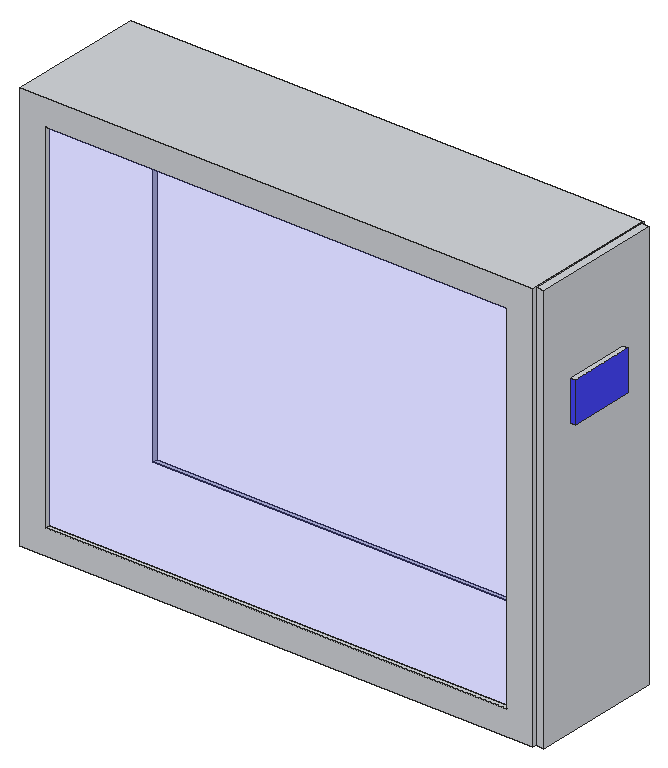
Revit family "RF-100", category Generic Models, Revit 2016
Family settings
  Part Type = Normal
  Can host rebar = No
  Round Connector Dimension = Use Diameter
  Work Plane-Based = No
  Always vertical = Yes
  Cut with Voids When Loaded = No
  Shared = No
  Room Calculation Point = No
Parameters (values of type "RF-200-2025")
  W = 25.0"
  T = 6.75"
  OFF = 1.25"
  Model = "RF-100-2025"
  Manufacturer = "REVERSOMATIC"
  H = 20.0"
  D2 = D1 + 0.4"  # 12.9"
  D1 = W / 2  # 12.5"
Types (4): name | W | Model | H | D2 | D1
  (no name) | 25.0" | "RF-100-2025" | 20.0" | 12.9" | 12.5"
  RF-200-2025 | 25.0" | "RF-100-2025" | 20.0" | 12.9" | 12.5"
  RF-200-1620 | 20.0" | "RF-100-1620" | 16.0" | 10.4" | 10.0"
  RF-200-2020 | 20.0" | "RF-100-2020" | 20.0" | 10.4" | 10.0"
Reference planes (in)
  plane 1 "Center (Front/Back)": y = 0
  plane 2: z = 0
  plane 3 "Center (Left/Right)": x = 0
  plane 4: y = 3.375
  plane 5: y = -3.375
  plane 6: x = -12.5
  plane 7: x = 12.5
  plane 8: z = 20
Forms (in)
  Extrusion 1, solid
    sketch origin (0, 0, 0) x (1, 0, 0) y (0, 1, 0)
      loop
        line (-12.5, 3.375) -> (-12.5, -3.375) -> (12.5, -3.375) -> (12.5, 3.375) -> (-12.5, 3.375)
    from 0 to 20
  Extrusion 2, void
    sketch origin (0, 0, 0) x (1, 0, 0) y (0, 0, 1)
      loop
        line (-11.25, 18.75) -> (-11.25, 1.25) -> (11.25, 1.25) -> (11.25, 18.75) -> (-11.25, 18.75)
    from 3.18 to 3.375
  Extrusion 3, void
    sketch origin (0, 0, 0) x (1, 0, 0) y (0, 0, 1)
      loop
        line (-11.25, 18.75) -> (-11.25, 1.25) -> (11.25, 1.25) -> (11.25, 18.75) -> (-11.25, 18.75)
    from -3.375 to -3.18
  Extrusion 4, solid
    sketch origin (12.5, 3.375, 0) x (0, -1, 0) y (0, 0, -1)
      loop
        line (4.965, -15.50616) -> (4.965, -13.50616) -> (1.785, -13.50616) -> (1.785, -15.50616) -> (4.965, -15.50616)
    from 0.4 to 0.65
  Extrusion 5, solid
    sketch origin (0, 0, 0) x (0, 1, 0) y (0, 0, 1)
      loop
        line (-3.18, 20) -> (-3.18, 0) -> (3.18, 0) -> (3.18, 20) -> (-3.18, 20)
    from 12.5 <- "D1" to 12.9 <- "D2"
Cuts and joins
  Extrusion 2, Extrusion 3 cuts Extrusion 1
Dimensions and locks (in)
  equal spacing: plane 5, plane 1 "Center (Front/Back)", plane 4
  "T": plane 4 to plane 5
  equal spacing: plane 6, plane 3 "Center (Left/Right)", plane 7
  "W": plane 6 to plane 7
  "H": plane 8 to plane 2
  "OFF": Extrusion 1 to Extrusion 2 sketch curve
  "OFF": Extrusion 2 sketch curve to Extrusion 1  (x3)
  equal spacing: Extrusion 4 sketch curve, plane 1 "Center (Front/Back)", Extrusion 4 sketch curve, cut or joined group of Extrusion 1, Extrusion 2, Extrusion 3
  Extrusion 4 sketch curve to Extrusion 4 sketch curve to plane 8 = 2.0" locked, 4.49384" locked
  cut or joined group of Extrusion 1, Extrusion 2, Extrusion 3 to cut or joined group of Extrusion 1, Extrusion 2, Extrusion 3 = 20.0"
  cut or joined group of Extrusion 1, Extrusion 2, Extrusion 3 to cut or joined group of Extrusion 1, Extrusion 2, Extrusion 3 = 6.75"
  cut or joined group of Extrusion 1, Extrusion 2, Extrusion 3 to cut or joined group of Extrusion 1, Extrusion 2, Extrusion 3 = 25.0"
  aligned and locked: plane 2 to level
  aligned and locked: Extrusion 1 sketch curve to plane 4
  aligned and locked: plane 6 to Extrusion 1 sketch curve
  aligned and locked: Extrusion 1 sketch curve to plane 5
  aligned and locked: Extrusion 1 sketch curve to plane 7
  aligned and locked: plane 8 to Extrusion 1
  aligned and locked: Extrusion 3 sketch curve to cut or joined group of Extrusion 1, Extrusion 2, Extrusion 3  (x4)
  aligned and locked: plane 4 to Extrusion 3
  aligned and locked: plane 5 to Extrusion 2
  aligned and locked: Extrusion 5 sketch curve to cut or joined group of Extrusion 1, Extrusion 2, Extrusion 3  (x4)
  aligned and locked: Extrusion 4 to Extrusion 5
